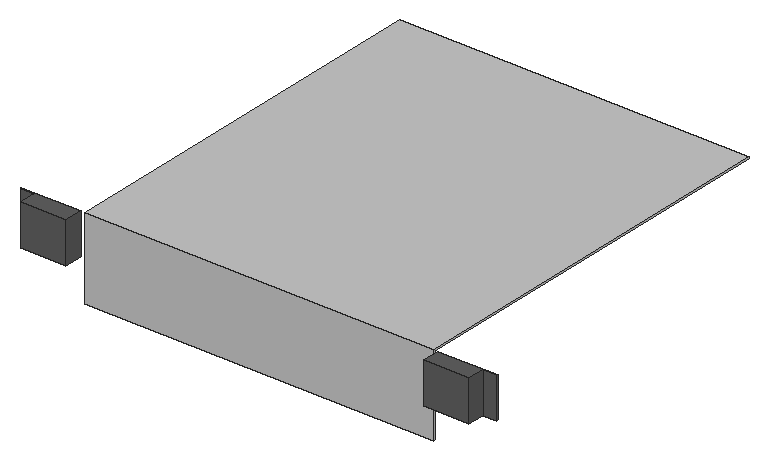
Revit family "WL,S", category Specialty Equipment, host Floor, Revit 2015
Parameters (values of type "86.5")
  URL = "http://sercoentrematic.com/"
  Model = "WL/WS"
  Manufacturer = "Serco Entrematic"
  Description = "Mechanical Leveler"
  LipExtension = 0' - 0"
  PitWidth = 6' - 7"
  PitLength = 7' - 3"
  PitDepthR = PitDepth - 0' 0 1/2"  # 1' - 7 1/2"
  PitDepth = 1' - 8"
  LipLength = 1' - 6"
  Curb = 0' - 3"
  Capacity = "30-45k"
Types (9): name | PitWidth | PitLength | PitDepthR | PitDepth
  6 | 6' - 1" | 5' - 3" | 1' - 7 1/2" | 1' - 8"
  86 | 6' - 1" | 7' - 3" | 1' - 7 1/2" | 1' - 8"
  66.5 | 6' - 7" | 5' - 3" | 1' - 7 1/2" | 1' - 8"
  86.5 | 6' - 7" | 7' - 3" | 1' - 7 1/2" | 1' - 8"
  67 | 7' - 1" | 5' - 3" | 1' - 7 1/2" | 1' - 8"
  87 | 7' - 1" | 7' - 3" | 1' - 7 1/2" | 1' - 8"
  106 | 6' - 1" | 9' - 3" | 1' - 11 1/2" | 2' - 0"
  106.5 | 6' - 7" | 9' - 3" | 1' - 11 1/2" | 2' - 0"
  107 | 7' - 1" | 9' - 3" | 1' - 11 1/2" | 2' - 0"
Reference planes (in)
  plane 1 "Center (Front/Back)": y = 0
  plane 2: z = 0
  plane 3 "Center (Left/Right)": x = 0
  plane 4 "Lip Width": y = -59.5
  plane 5 "pit right": x = 39.5
  plane 6 "Pit left": x = -39.5
  plane 7 "pit rear": y = 27
  plane 8 "curb angle left": x = -42.5
  plane 9: x = -38.5
  plane 10 "curb angle right": x = 42.5
  plane 11: x = 38.5
  plane 12 "curb angle rear": y = 30
  plane 13 "Curb angle - Front": y = -57
  plane 14 "Edge of Dock": y = -60
  plane 15: z = -0.5
  plane 16: z = -19.5
  plane 17: z = -20
  plane 18: y = 15
  plane 19: y = -48
  plane 20 "Lip Length": z = -18
  plane 21: x = 60.5
  plane 22: x = -60.5
  plane 23: z = -3
  plane 24: z = -23
  plane 25: z = 0
  plane 26: z = 0
  plane 27: z = -12
  plane 28: x = 14
  plane 29: x = -52.625
  plane 30: x = -49.625
  plane 31: y = -64
  plane 32: y = -60.25
  plane 33: x = 52.625
  plane 34: x = 49.625
  plane 35: z = -9
Forms (in)
  Extrusion 1, void
    sketch origin (0, 0, 0) x (0, 1, 0) y (0, 0, 1)
      loop
        line (27, 0) -> (-60, 0) -> (-60, -20) -> (-48, -20) -> (15, -19.5) -> (27, -19.5) -> (27, 0)
    from -39.5 to 39.5
  Extrusion 2, solid, material "Serco Diamond"
    sketch origin (0, 0, 0) x (1, 0, 0) y (0, 1, 0)
      loop
        line (-38.5, 27) -> (-38.5, -60) -> (38.5, -60) -> (38.5, 27) -> (-38.5, 27)
    from -0.5 to 0
  Extrusion 3, solid, material "Serco Diamond"
    sketch origin (0, 0, 0) x (1, 0, 0) y (0, 0, 1)
      loop
        line (-38.5, 0) -> (-38.5, -18) -> (38.5, -18) -> (38.5, 0) -> (-38.5, 0)
    from 59.5 to 60
  Extrusion 4, solid, material "BUMPER"
    sketch origin (0, 0, 0) x (-1, 0, 0) y (0, -1, 0)
      loop
        line (39.5, 60) -> (52.625, 60) -> (52.625, 60.25) -> (49.625, 60.25) -> (49.625, 64) -> (39.5, 64) -> (39.5, 60)
      loop
        line (-39.5, 60) -> (-39.5, 64) -> (-49.625, 64) -> (-49.625, 60.25) -> (-52.625, 60.25) -> (-52.625, 60) -> (-39.5, 60)
    from -9 to 0
Cuts and joins
  joined: Extrusion 2, Extrusion 3
Lines and regions (in)
  model lines
    curve 1: line (-42.5, 30, 0) -> (42.5, 30, 0)
    curve 2: line (42.5, 30, 0) -> (42.5, 27, 0)
    curve 3: line (42.5, 27, 0) -> (-42.5, 27, 0)
    curve 4: line (-42.5, 27, 0) -> (-42.5, 30, 0)
    curve 5: line (-42.5, 27, 0) -> (-42.5, -57, 0)
    curve 6: line (-39.5, -57, 0) -> (-39.5, 27, 0)
    curve 7: line (-39.5, -57, 0) -> (-60.5, -57, 0)
    curve 8: line (-60.5, -57, 0) -> (-60.5, -60, 0)
    curve 9: line (-60.5, -60, 0) -> (-39.5, -60, 0)
    curve 10: line (42.5, 27, 0) -> (42.5, -57, 0)
    curve 11: line (39.5, -57, 0) -> (39.5, 27, 0)
    curve 12: line (39.5, -60, 0) -> (60.5, -60, 0)
    curve 13: line (60.5, -60, 0) -> (60.5, -57, 0)
    curve 14: line (60.5, -57, 0) -> (39.5, -57, 0)
    curve 15: line (-60.5, -60, 0) -> (-60.5, -60, -3)
    curve 16: line (-60.5, -60, -3) -> (-39.5, -60, -3)
    curve 17: line (-39.5, -60, -3) -> (-39.5, -60, 0)
    curve 18: line (-42.5, -60, -3) -> (-42.5, -60, -23)
    curve 19: line (-42.5, -60, -20) -> (-39.5, -60, -20)
    curve 20: line (-42.5, -60, -23) -> (42.5, -60, -23)
    curve 21: line (42.5, -60, -23) -> (42.5, -60, -3)
    curve 22: line (39.5, -60, -20) -> (42.5, -60, -20)
    curve 23: line (39.5, -60, -20) -> (39.5, -60, 0)
    curve 24: line (39.5, -60, -3) -> (60.5, -60, -3)
    curve 25: line (60.5, -60, -3) -> (60.5, -60, 0)
    curve 26: line (-39.5, -60, -3) -> (-39.5, -60, -20)
    curve 27: line (-39.5, -60, -20) -> (39.5, -60, -20)
    curve 28: line (-39.5, -57, 0) -> (-39.5, -60, 0)
    curve 29: line (39.5, -57, 0) -> (39.5, -60, 0)
Dimensions and locks (in)
  equal spacing: host sketch curve, plane 1 "Center (Front/Back)", host sketch curve
  equal spacing: host sketch curve, plane 3 "Center (Left/Right)", host sketch curve
  host sketch curve to host sketch curve = 10' - 0"  (x2)
  equal spacing: plane 6 "Pit left", plane 3 "Center (Left/Right)", plane 5 "pit right"
  "PitWidth": plane 6 "Pit left" to plane 5 "pit right"
  "PitLength": plane 14 "Edge of Dock" to plane 7 "pit rear"
  "Curb": plane 8 "curb angle left" to plane 6 "Pit left"
  locked: plane 6 "Pit left" to plane 9 at 1
  locked: plane 11 to plane 5 "pit right" at 1
  "Curb": plane 5 "pit right" to plane 10 "curb angle right"
  "Curb": plane 7 "pit rear" to plane 12 "curb angle rear"
  "Curb": plane 14 "Edge of Dock" to plane 13 "Curb angle - Front"
  "PitDepthR": level to plane 16
  "PitDepth": level to plane 17
  locked: plane 7 "pit rear" to plane 18 at 12
  locked: plane 19 to plane 14 "Edge of Dock" at 12
  "LipLength": level to plane 20 "Lip Length"
  locked: plane 22 to plane 6 "Pit left" at 21
  locked: plane 5 "pit right" to plane 21 at 21
  "LipExtension": plane 26 to level
  locked: plane 24 to plane 17 at 3
  locked: level to plane 15 at 0.5
  locked: plane 14 "Edge of Dock" to plane 4 "Lip Width" at 0.5
  locked: plane 3 "Center (Left/Right)" to plane 28 at 14
  locked: level to plane 27 at 12
  locked: plane 30 to plane 6 "Pit left" at 10.125
  locked: plane 29 to plane 6 "Pit left" at 13.125
  locked: plane 31 to curve 9 at 4
  locked: curve 9 to plane 32 at 0.25
  locked: plane 5 "pit right" to plane 34 at 10.125
  locked: plane 5 "pit right" to plane 33 at 13.125
  locked: level to plane 35 at 9
  aligned and locked: level to plane 2
  aligned and locked: plane 14 "Edge of Dock" to host floor
  aligned and locked: plane 19 to Extrusion 1 sketch curve
  aligned and locked: plane 16 to Extrusion 1 sketch curve
  aligned and locked: Extrusion 1 sketch curve to plane 18
  aligned and locked: plane 17 to Extrusion 1 sketch curve
  aligned and locked: Extrusion 1 sketch curve to plane 14 "Edge of Dock"
  aligned and locked: Extrusion 1 to plane 6 "Pit left"
  aligned and locked: Extrusion 1 to plane 5 "pit right"
  aligned and locked: plane 7 "pit rear" to Extrusion 2 sketch curve
  aligned and locked: Extrusion 2 sketch curve to plane 9
  aligned and locked: Extrusion 2 sketch curve to plane 14 "Edge of Dock"
  aligned and locked: Extrusion 2 to plane 15
  aligned and locked: level to Extrusion 2
  aligned and locked: Extrusion 3 sketch curve to Extrusion 2
  aligned and locked: plane 20 "Lip Length" to Extrusion 3 sketch curve
  aligned and locked: Extrusion 3 sketch curve to plane 11
  aligned and locked: Extrusion 3 to plane 14 "Edge of Dock"
  aligned and locked: Extrusion 3 to plane 4 "Lip Width"
  aligned and locked: Extrusion 2 sketch curve to plane 11
  aligned and locked: curve 7 to plane 13 "Curb angle - Front"
  aligned and locked: curve 8 to plane 22
  aligned and locked: curve 5 to plane 8 "curb angle left"
  aligned and locked: plane 6 "Pit left" to curve 6
  aligned and locked: curve 3 to plane 7 "pit rear"
  aligned and locked: plane 12 "curb angle rear" to curve 1
  aligned and locked: curve 2 to plane 10 "curb angle right"
  aligned and locked: plane 5 "pit right" to curve 11
  aligned and locked: curve 10 to plane 10 "curb angle right"
  aligned and locked: curve 14 to plane 13 "Curb angle - Front"
  aligned and locked: plane 14 "Edge of Dock" to curve 12
  aligned and locked: curve 13 to plane 21
  aligned and locked: plane 24 to curve 18
  aligned and locked: curve 16 to plane 23
  aligned and locked: curve 15 to plane 22
  aligned and locked: plane 6 "Pit left" to curve 17
  aligned and locked: curve 22 to plane 5 "pit right"
  aligned and locked: curve 21 to plane 10 "curb angle right"
  aligned and locked: curve 22 to plane 17
  aligned and locked: curve 25 to plane 21
  aligned and locked: curve 19 to curve 27
  aligned and locked: curve 9 to plane 14 "Edge of Dock"
  aligned and locked: plane 26 to Extrusion 3 sketch curve
  aligned and locked: plane 23 to curve 24
  aligned and locked: plane 24 to curve 20
  aligned and locked: cut or joined group of Extrusion 2, Extrusion 3 to plane 7 "pit rear"
  aligned and locked: plane 31 to Extrusion 4 sketch curve
  aligned and locked: Extrusion 4 sketch curve to plane 30
  aligned and locked: Extrusion 4 sketch curve to plane 29
  aligned and locked: Extrusion 4 sketch curve to plane 32  (x2)
  aligned and locked: Extrusion 4 sketch curve to curve 9
  aligned and locked: Extrusion 4 sketch curve to plane 6 "Pit left"
  aligned and locked: Extrusion 4 sketch curve to plane 5 "pit right"
  aligned and locked: Extrusion 4 sketch curve to plane 31
  aligned and locked: plane 34 to Extrusion 4 sketch curve
  aligned and locked: plane 33 to Extrusion 4 sketch curve
  aligned and locked: level to Extrusion 4
  aligned and locked: plane 35 to Extrusion 4
Automatic sketch dimensions
  Extrusion 1 sketch curve to level = 0' - 0"
  Extrusion 1 sketch curve to plane 7 "pit rear" = 0' - 0"
  curve 25 to level = 0' - 0"
  curve 18 to plane 23 = 0' - 0"
  curve 23 to level = 0' - 0"
  curve 17 to level = 0' - 0"
  curve 15 to level = 0' - 0"
  curve 27 to plane 17 = 0' - 0"
  plane 8 "curb angle left" to curve 20 = 0' - 0"
  plane 21 to curve 25 = 0' - 0"
  plane 14 "Edge of Dock" to Extrusion 4 sketch curve = 0' - 0"
